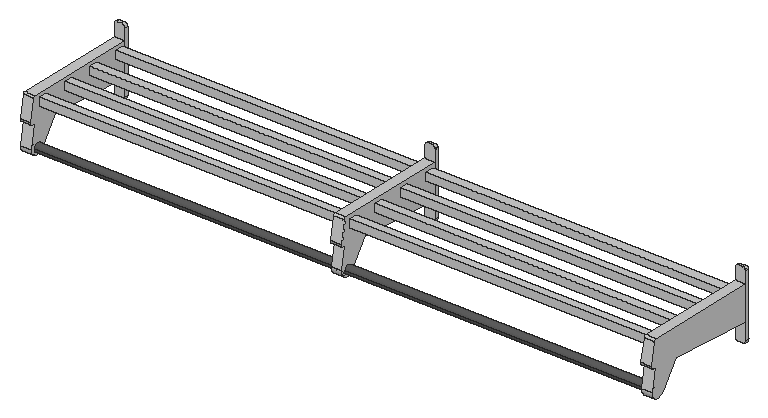
Revit family "Magnuson-DS-Wall-Coat_Rack", category Furniture, host Wall, Revit 2014
Parameters (values of type "3D-DS-5H")
  Width = 60"
  URL = "www.magnusongroup.com"
  Type Comments = "DS Rack"
  Shelf = MG - Steel, Wrought
  Salvage or Reuse = yes
  Percentage of Recycled Content = 0
  Model = "3D-DS-5H"
  Manufacturer = "Magnuson Group"  # constant formula
  Low Emitting Material = yes
  Low Emitting Finish = yes
  Keynote = "12500"
  Height From Floor [instance] = 60"
  Hanger Rod = MG - Black Plastic
  Frame = MG - Steel, Wrought
  Description = "60W Wall Mounted Rack"
  Assembly Code = "E2020200"
  # Support = if(Width > 59", 3, 2)  # 3
Types (6): name | Width | Model | Description | # Support
  (no name) | 60" | "3D-DS-5H" | "60W Wall Mounted Rack" | 3
  3D-DS-3H | 36" | "3D-DS-3H" | "36W Wall Mounted Rack" | 2
  3D-DS-4H | 48" | "3D-DS-4H" | "48W Wall Mounted Rack" | 2
  3D-DS-2H | 24" | "3D-DS-2H" | "24W Wall Mounted Rack" | 2
  3D-DS-5H | 60" | "3D-DS-5H" | "60W Wall Mounted Rack" | 3
  3D-DS-6H | 72" | "3D-DS-6H" | "72W Wall Mounted Rack" | 3
Reference planes (in)
  plane 1: y = 0
  plane 2 "Center (Left/Right)": x = 0
  plane 3 "Wall Edge": y = 3
  plane 4: y = -3
  plane 5: y = -3.25
  plane 6: y = -14.54891
  plane 7: x = -30
  plane 8: x = -29
  plane 9: x = 29
  plane 10: x = 30
  plane 11: z = 60
  plane 12: z = 66.49994
Forms (in)
  Extrusion 1, solid, material "MG - Steel, Wrought" <- "Frame"
    sketch origin (0, -24.38859, 0.87815) x (0, 1, 0) y (0, 0, 1)
      loop
        line (20.69164, 63.98562) -> (19.87365, 63.98562) -> (19.87365, 63.23562) -> (20.69164, 63.23562) -> (20.69164, 63.98562)
      loop
        line (17.60663, 63.98562) -> (16.85663, 63.98562) -> (16.85663, 63.23562) -> (17.60663, 63.23562) -> (17.60663, 63.98562)
      loop
        line (14.58962, 63.98562) -> (13.83961, 63.98562) -> (13.83961, 63.23562) -> (14.58962, 63.23562) -> (14.58962, 63.98562)
      loop
        line (11.57259, 63.98562) -> (10.82259, 63.98562) -> (10.82259, 63.23562) -> (11.57259, 63.23562) -> (11.57259, 63.98562)
    from -29 to 29
  Extrusion 2, solid, material "MG - Black Plastic" <- "Hanger Rod"
    sketch origin (0, -24.38859, 0.87815) x (0, 1, 0) y (0, 0, 1)
      loop
        circle (10.66093, 59.78494) r 0.39489
    from -29 to 29
Lines and regions (in)
  symbolic lines
    curve 1: line (29, -3.69695, 0) -> (-29, -3.69695, 0)
    curve 2: line (-29, -4.51493, 0) -> (29, -4.51493, 0)
    curve 7: line (29, -12.81599, 0) -> (-29, -12.81599, 0)
    curve 8: line (-29, -13.56599, 0) -> (29, -13.56599, 0)
  symbolic lines, detail levels medium+fine
    curve 3: line (29, -6.78195, 0) -> (-29, -6.78195, 0)
    curve 4: line (-29, -7.53195, 0) -> (29, -7.53195, 0)
    curve 5: line (29, -9.79897, 0) -> (-29, -9.79897, 0)
    curve 6: line (-29, -10.54897, 0) -> (29, -10.54897, 0)
Text (in)
  text "Placement Side" at (0, 40.15149, 123.01588), in view "Right"
  text "Placement Side" at (-70.3804, 28.46503, 0), in view "Ref. Level"
  text "Placement Side" at (0, 81.62555, 140.59947), in view "Left"
Dimensions and locks (in)
  locked: plane 3 "Wall Edge" to host wall
  equal spacing: Extrusion 1 sketch curve, Extrusion 1 sketch curve, Extrusion 1 sketch curve, Extrusion 1 sketch curve
  locked: plane 4 to plane 5 at 0.25
  locked: plane 7 to plane 8 at 1
  locked: plane 9 to plane 10 at 1
  locked: plane 12 to plane 11 at 6.49994
  "Height From Floor": plane 11 to level
  locked: plane 4 to Extrusion 1 sketch curve at 0.69695
  locked: Extrusion 1 sketch curve to plane 6 at 0.98292
  plane 12 to Extrusion 1 sketch curve to Extrusion 1 sketch curve = 1.63617" locked, 3/4" locked
  locked: Extrusion 2 sketch curve to plane 6 at 0.82125
  locked: Extrusion 2 sketch curve to plane 11 at 0.66309
  locked: plane 4 to plane 6 at 11.54891
  equal spacing: plane 7, plane 2 "Center (Left/Right)", plane 10
  "Width": plane 7 to plane 10
  equal spacing: group 1, group 3, group 2  (x3)
  aligned and locked: Extrusion 1 sketch curve to Extrusion 1 sketch curve  (x6)
  aligned and locked: plane 9 to Extrusion 1
  aligned and locked: plane 9 to Extrusion 2
  aligned and locked: Extrusion 1 to plane 8
  aligned and locked: Extrusion 2 to plane 8
  aligned and locked: plane 4 to host wall
  aligned and locked: curve 1 to Extrusion 1
  aligned and locked: curve 2 to Extrusion 1
  aligned and locked: curve 3 to Extrusion 1
  aligned and locked: curve 4 to Extrusion 1
  aligned and locked: curve 5 to Extrusion 1
  aligned and locked: curve 6 to Extrusion 1
  aligned and locked: curve 7 to Extrusion 1
  aligned and locked: curve 8 to Extrusion 1
  aligned and locked: plane 4 to nested 1
  aligned and locked: nested 1 to plane 8
  aligned and locked: plane 7 to nested 1
  aligned and locked: plane 4 to nested 2
  aligned and locked: nested 2 to plane 10
  aligned and locked: plane 11 to nested 2
  aligned and locked: plane 11 to nested 1
Automatic sketch dimensions
  Extrusion 1 sketch curve to Extrusion 1 sketch curve = 3/4"  (x3)
  Extrusion 1 sketch curve to Extrusion 1 sketch curve = 2.26702"
  curve 3 to plane 9 = 0"
  curve 5 to plane 8 = 0"
  curve 6 to plane 8 = 0"
  curve 7 to plane 8 = 0"
  curve 4 to plane 8 = 0"
  curve 3 to plane 8 = 0"
  curve 1 to plane 8 = 0"
  curve 2 to plane 8 = 0"
  curve 8 to plane 8 = 0"
  curve 1 to plane 9 = 0"
  curve 2 to plane 9 = 0"
  curve 8 to plane 9 = 0"
  curve 4 to plane 9 = 0"
  curve 5 to plane 9 = 0"
  curve 7 to plane 9 = 0"
  curve 6 to plane 9 = 0"
  radius of Extrusion 2 sketch curve = 0.39489"
Nested families (in)
  nested 1: "Sup-" at (-29.50114, -3, 60), Shelf <- "Shelf", Frame <- "Frame", type "Support"
    with Shelf MG - Steel, Wrought, Frame MG - Steel, Wrought
  nested 2: "Sup-" at (29.49886, -3, 60), Shelf <- "Shelf", Frame <- "Frame", type "Support"
    with Shelf MG - Steel, Wrought, Frame MG - Steel, Wrought
  nested 3: "Sup-" at (-0.00114, -3, 60), Shelf <- "Shelf", Frame <- "Frame", type "Support"
    with Shelf MG - Steel, Wrought, Frame MG - Steel, Wrought
Definition of nested family "Sup-"
  Parameters (values of type "Support")
    Shelf [instance] = none
    Frame [instance] = none
  Reference planes (in)
    plane 1 "Center Front/Back": y = 0
    plane 2: z = 0
    plane 3 "Center Left/Right": x = 0
  Forms (in)
    Extrusion 1, solid, material <- "Shelf"
      sketch origin (29.50114, -21.38859, -59.12185) x (0, 1, 0) y (0, 0, 1)
        loop
          line (21.13859, 64.24033) -> (10.49312, 64.24033)
          arc (10.49312, 64.24033) -> (10.36553, 64.19431) -> (10.29669, 64.07744) r 0.19989
          line (10.29669, 64.07744) -> (9.92989, 62.13033)
          arc (9.92989, 62.13033) -> (9.96769, 61.97165) -> (10.11108, 61.8939) r 0.2
          line (10.11108, 61.8939) -> (10.39539, 61.87199) -> (10.01377, 59.84607)
          arc (10.01377, 59.84607) -> (10.44238, 59.17274) -> (11.20049, 59.42241) r 0.65004
          line (11.20049, 59.42241) -> (12.72575, 61.69248) -> (21.13859, 61.0444) -> (21.13859, 64.24033)
      from -30 to -29
    Extrusion 2, solid, material <- "Frame"
      sketch origin (29.50114, -21.38859, -59.12185) x (1, 0, 0) y (0, 0, 1)
        loop
          line (-30, 65.32614) -> (-30, 59.42246)
          arc (-30, 59.42246) -> (-29.91257, 59.21051) -> (-29.70114, 59.12185) r 0.30061
          line (-29.70114, 59.12185) -> (-29.30114, 59.12185)
          arc (-29.30114, 59.12185) -> (-29.08839, 59.20986) -> (-29, 59.42246) r 0.30114
          line (-29, 59.42246) -> (-29, 65.32614)
          arc (-29, 65.32614) -> (-29.08993, 65.53551) -> (-29.30082, 65.62179) r 0.30087
          line (-29.30082, 65.62179) -> (-29.70146, 65.62179)
          arc (-29.70146, 65.62179) -> (-29.91154, 65.53537) -> (-30, 65.32614) r 0.29855
      from -21.38859 to -21.13859
  Lines and regions (in)
    symbolic lines
      curve 1: line (-0.49886, 0, 0) -> (0.50114, 0, 0)
      curve 2: line (-0.49886, -11.46215, 0) -> (-0.49886, 0, 0)
      curve 3: line (0.50114, -11.46215, 0) -> (-0.49886, -11.46215, 0)
      curve 4: line (0.50114, 0, 0) -> (0.50114, -11.46215, 0)
  Dimensions and locks (in)
    Extrusion 1 sketch curve to Extrusion 1 sketch curve to Extrusion 1 sketch curve to Extrusion 1 sketch curve = 0.40083" locked, 0.64808" locked, 1.25946" locked
    aligned and locked: level to plane 2
    aligned and locked: Extrusion 2 to Extrusion 1
